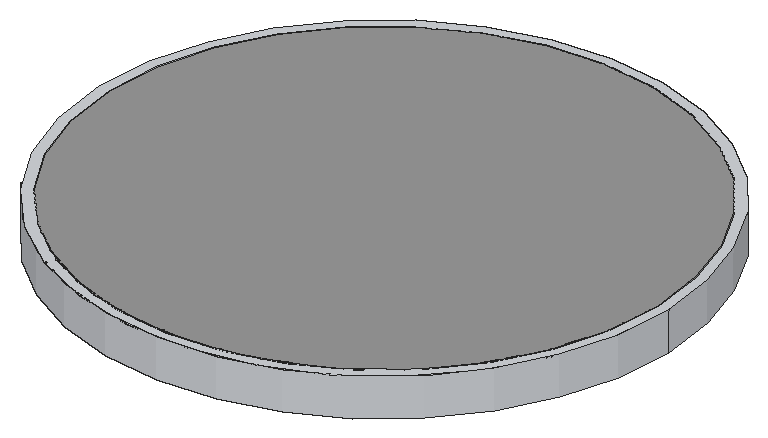
Revit family "2071255", category Lighting Fixtures, host Face, Revit 2018
Family settings
  Host = Face
  Round Connector Dimension = Use Diameter
  Part Type = Normal
  OmniClass Number = 23.80.70.00
  OmniClass Title = Lighting
  Cut with Voids When Loaded = No
  Light Source = Yes
  Shared = No
  Room Calculation Point = No
Parameters (values of type "2071255 COLOSSAL 900 940 PR DIR WHT SSA02")
  iner diameter = 856 mm
  Weight = "n/a"
  Wattage Comments = ""
  Wattage = 30 W
  WarrantyStartDate [instance] = "n/a"
  WarrantyGuarantorParts = "n/a"
  WarrantyDurationUnit = "n/a"
  WarrantyDurationParts = ""
  WarrantyDescription = "http://www.sylvania-lighting.com"
  built-in parameter 1150110 = 1 (stored number, unit not read)
  Voltage = 230 V
  URL = "0.99"
  TypeName = "COLOSSAL 900mm 940 PRISM DIR WHITE SSA02"
  Type Image = <None>
  Type Comments = "n/a"
  built-in parameter 1114217 = 1 (stored number, unit not read)
  Tilt Angle = -90.00°
  built-in parameter 1150109 = 1 (stored number, unit not read)
  built-in parameter 1150134 = (empty or 0)
  built-in parameter 1150113 = 1 (stored number, unit not read)
  SerialNumber [instance] = "n/a"
  Photometric Web File = "2071255.ies"
  Material_3_SYL = LED-Sylvania
  PowerFactor = 0
  PowerConsumption = "Lighting"
  NominalLength = 888 mm
  NominalHeight = 93 mm
  NominalDepth = 888 mm
  Name = "COLOSSAL 900mm 940 PRISM DIR WHITE SSA02"
  ModelReference = Name  # "COLOSSAL 900mm 940 PRISM DIR WHITE SSA02"
  ModelNumber = "2071255"
  Model = Name  # "COLOSSAL 900mm 940 PRISM DIR WHITE SSA02"
  Material = "Feilo Sylvania"
  ManufacturerName = "116 lm/W"
  Manufacturer = ""
  LuminousEfficacy = ""
  built-in parameter 1150105 = 270.44 (stored number, unit not read)
  Lumens = 3398.4 lm
  LuminaireType = "0"
  built-in parameter 1150115 = 1 (stored number, unit not read)
  LightOutputRatio = "LED"
  built-in parameter 1150137 = (empty or 0)
  built-in parameter 1150139 = (empty or 0)
  LampsType = Lamp  # "n/a"
  LampNominalLuminous = "4000 K"
  LampMacAdamStep = "90"
  LampColourTemperature = "LED"
  LampColourRenderingIndex = "16500"
  built-in parameter 1150112 = 1 (stored number, unit not read)
  built-in parameter 1150114 = 1 (stored number, unit not read)
  Lamp = "n/a"
  Keynote = "n/a"
  InstallationDate [instance] = "n/a"
  InputVoltage = "0"
  InputNominalFrequency = "4000"
  built-in parameter 1150132 = (empty or 0)
  built-in parameter 1150102 = (empty or 0)
  built-in parameter 1150107 = 3000 (stored number, unit not read)
  built-in parameter 1150138 = (empty or 0)
  IngressProtection = "IfcLightFixtureType"
  ImpactProtectionIndex = "IfcLightFixtureType"
  built-in parameter 1150106 = 2.7044 (stored number, unit not read)
  IfcExportType = "IfcLightFixtureType"
  IfcExportAs = "Class I"
  Emit from Circle Diameter = 385 mm
  Emit Shape Visible in Rendering = no
  ElectricShockClassification = "116"
  built-in parameter 1150104 = 10.524 (stored number, unit not read)
  DocumentationLiterature = "http://www.sylvania-lighting.com/product/en-int/products/2071255"
  DimmingControlOptions = "n/a"
  Material_2_SYL = Polycarbonate_Sylvania_White
  Dimming Lamp Color Temperature Shift = <None>
  Description = "900mm diameter circular architectural luminaire, can be surface mounted or suspended. Powder coated aluminium housing (RAL9016) with PMMA prismatic diffuser. Direct light distribution, 6955lm luminuous flux, 60W system power, 116lm/W luminiaire efficacy. Sylsmart Connected enabled. Colour rendering index Ra >90, 4000K Neutral White LED, chromaticity tolerance of 3-step MacAdam ellipse. IP40/IP20, IK03. 350mA drive current. UGR≤19. Electrical protection Class1, 220-240V. Reported lifetime 66k hours L90B10."
  Default Elevation = 1219.2 mm
  CreatedOn = "23/03/2022"
  CreatedBy = "@sylvania-lighting.com"
  Cost = 0
  Color Filter = 16777215
  built-in parameter 1114216 [instance] = (empty or 0)
  ClassificationValue = "EF_70_80"
  ClassificationName = "Uniclass2015"
  Material_1_SYL = Polycarbonate_Sylvania_Opal
  BarCode [instance] = "n/a"
  built-in parameter 1114218 = 1 (stored number, unit not read)
  built-in parameter 1150133 = 10 (stored number, unit not read)
  AssetType = "Fixed"
  AssetIdentifier [instance] = "n/a"
  Assembly Code = "D5020200"
  Apparent Load = 60 VA
  Material_4_SYL = none
Reference planes
  plane 1 "Center (Front/Back)": y = 0
  plane 2: z = 0
  plane 3 "Center (Left/Right)": x = 0
  plane 4: z = 1.161
  plane 5: z = 16.161
  plane 6: x = -444
  plane 7: x = 444
  plane 8: y = 444
  plane 9: y = -444
  plane 10: y = 236
  plane 11: y = -236
  plane 12: x = 85
  plane 13: x = -85
  plane 14: through (0, 0, 1219.2) normal (0.5, 0.866, 0)
  plane 15: through (42.5, 73.612, 1219.2) normal (0.5, 0.866, 0)
  plane 16: through (-42.5, -73.612, 1219.2) normal (0.5, 0.866, 0)
  plane 17: through (0, 0, 1219.2) normal (0.5, -0.866, 0)
  plane 18: through (-42.5, 73.612, 1219.2) normal (0.5, -0.866, 0)
  plane 19: through (42.5, -73.612, 1219.2) normal (0.5, -0.866, 0)
  plane 20: z = 93
  plane 21: y = 428
  plane 22: y = -428
Forms (mm)
  Extrusion 1, solid, detail levels medium+fine
    sketch origin (0, 0, 0) x (0.866025, -0.5, 0) y (0.5, 0.866025, 0)
      loop
        circle (-50, 86.603) r 22
    from 0 to 2
  Extrusion 2, solid, detail levels medium+fine
    sketch origin (0, 0, 0) x (0.866025, -0.5, 0) y (0.5, 0.866025, 0)
      loop
        circle (100, 0) r 22
      loop
        circle (-50, -86.603) r 22
    from 0 to 2
  Blend 3, solid, detail levels medium+fine
    base sketch origin (0, 0, 0) x (1, 0, 0) y (0, 1, 0)
      loop
        line (-85, 236) -> (-246.882, -44.388) -> (-161.882, -191.612) -> (161.882, -191.612) -> (246.882, -44.388) -> (85, 236) -> (-85, 236)
    top sketch origin (0, 0, 0) x (1, 0, 0) y (0, 1, 0)
      loop
        line (-85, 283.076) -> (-287.651, -67.926) -> (-207.792, -218.119) -> (207.792, -218.119) -> (292.5, -71.401) -> (85, 283.076) -> (-85, 283.076)
    from 0 to 33.022
  Extrusion 4, solid, detail levels medium+fine
    sketch origin (0, 0, 0) x (1, 0, 0) y (0, 1, 0)
      loop
        circle (0, 0) r 444
    from 33.022 to 93
  Extrusion 5, void
    sketch origin (0, 0, 0) x (1, 0, 0) y (0, 1, 0)
      loop
        circle (0, 0) r 428
    from 96.588 to 37.292
  Extrusion 6, solid, material "Glass, White, High Luminance", detail levels fine
    sketch origin (0, 0, 0) x (1, 0, 0) y (0, 1, 0)
      loop
        circle (0, 0) r 428
    from 87.991 to 93
  Extrusion 7, solid, detail levels coarse
    sketch origin (0, 0, 0) x (1, 0, 0) y (0, 1, 0)
      loop
        line (-444, 444) -> (-444, -444) -> (444, -444) -> (444, 444) -> (-444, 444)
    from 0 to 93.648
Cuts and joins
  Extrusion 5 cuts Extrusion 1
  Extrusion 5 cuts Extrusion 2
  Extrusion 5 cuts Blend 3
  Extrusion 5 cuts Extrusion 4
Lines and regions (mm)
  model lines, detail levels medium+fine
    curve 1: circle (0, 0, 0) r 100 normal (0, 0, 1)
Dimensions and locks
  "NominalDepth": plane 8 to plane 9
  plane 8 to plane 1 "Center (Front/Back)" to plane 9 = 444 mm, 444 mm
  "NominalLength": plane 6 to plane 7
  equal spacing: plane 6, plane 3 "Center (Left/Right)", plane 7
  "NominalHeight": level to plane 20
  "iner diameter": plane 21 to plane 22
  equal spacing: plane 21, plane 1 "Center (Front/Back)", plane 22
  aligned and locked: plane 2 to host face
  aligned and locked: level to host face
Automatic sketch dimensions
  host sketch curve to host sketch curve = 2438.4 mm  (x2)
  Extrusion 1 sketch curve to plane 3 "Center (Left/Right)" = 0 mm
  Extrusion 1 sketch curve to plane 1 "Center (Front/Back)" = 100 mm
  plane 1 "Center (Front/Back)" to Extrusion 2 sketch curve = 50 mm
  Extrusion 2 sketch curve to plane 3 "Center (Left/Right)" = 86.603 mm
  Extrusion 2 sketch curve to Extrusion 2 sketch curve = 150 mm
  Extrusion 2 sketch curve to Extrusion 2 sketch curve = 86.603 mm
  plane 1 "Center (Front/Back)" to curve 1 = 0 mm
  curve 1 to plane 3 "Center (Left/Right)" = 0 mm
  plane 18 to Blend 3 sketch curve = 0 mm  (x2)
  plane 19 to Blend 3 sketch curve = 0 mm  (x2)
  Blend 3 sketch curve to plane 10 = 0 mm
  Blend 3 sketch curve to plane 13 = 0 mm  (x2)
  Blend 3 sketch curve to plane 12 = 0 mm  (x2)
  Blend 3 sketch curve to plane 16 = 0 mm  (x2)
  Blend 3 sketch curve to plane 15 = 0 mm
  plane 11 to Blend 3 sketch curve = 44.388 mm
  plane 1 "Center (Front/Back)" to Blend 3 sketch curve = 44.388 mm  (x2)
  plane 11 to Blend 3 sketch curve = 17.881 mm
  plane 1 "Center (Front/Back)" to Blend 3 sketch curve = 67.926 mm
  plane 1 "Center (Front/Back)" to Blend 3 sketch curve = 71.401 mm
  Blend 3 sketch curve to plane 7 = 151.5 mm
  plane 10 to Blend 3 sketch curve = 47.076 mm
  plane 1 "Center (Front/Back)" to Extrusion 4 sketch curve = 0 mm
  Extrusion 4 sketch curve to plane 3 "Center (Left/Right)" = 0 mm
  plane 1 "Center (Front/Back)" to Extrusion 5 sketch curve = 0 mm
  Extrusion 5 sketch curve to plane 3 "Center (Left/Right)" = 0 mm
  plane 1 "Center (Front/Back)" to Extrusion 6 sketch curve = 0 mm
  Extrusion 6 sketch curve to plane 3 "Center (Left/Right)" = 0 mm
  Extrusion 7 sketch curve to plane 6 = 0 mm
  Extrusion 7 sketch curve to plane 7 = 0 mm
  Extrusion 7 sketch curve to plane 9 = 0 mm
  Extrusion 7 sketch curve to plane 8 = 0 mm
  radius of Extrusion 1 sketch curve = 22 mm
  radius of Extrusion 2 sketch curve = 22 mm  (x2)
  radius of curve 1 = 100 mm
  radius of Extrusion 4 sketch curve = 444 mm
  radius of Extrusion 5 sketch curve = 428 mm
  radius of Extrusion 6 sketch curve = 428 mm
Connectors
  electrical at (0, 0, 0), driven by "Apparent Load", driven by "PowerFactor", driven by "Voltage"
    settings: index 1, voltage 230 V, apparent load 60 VA, apparent load phase1 0 VA, apparent load phase2 0 VA, apparent load phase3 0 VA, power factor 0, load classification "Lighting", number of poles 1, system type 30, power factor state 1, is connector primary yes, connector utility no, sub classification motor no, connector description ""
